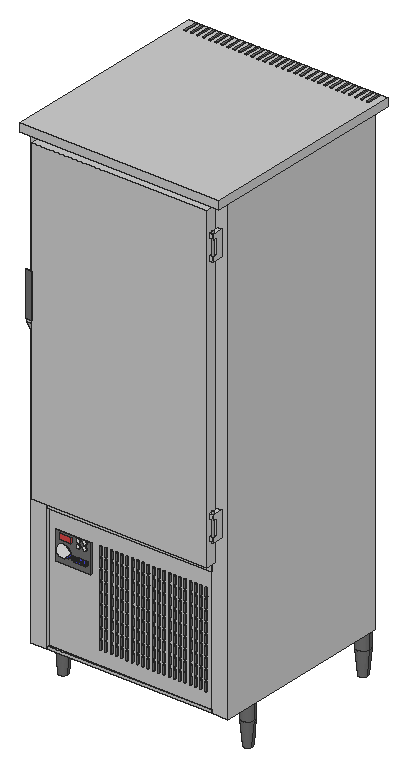
Revit family "QF_ACFRI_RS75-RL.190709093100", category Specialty Equipment, Revit 2016
Family settings
  Part Type = Normal
  Round Connector Dimension = Use Diameter
  OmniClass Number = 23.40.40.14
  OmniClass Title = Food Service Equipment
  Work Plane-Based = No
  Always vertical = Yes
  Cut with Voids When Loaded = No
  Shared = No
  Room Calculation Point = No
Parameters (values of type "RS75-RL_230V/1Ph/50Hz")
  URL catalogue = ""
  URL = "www.acfri.com"
  Type de Raccord Electrique [instance] = ""
  Type article [instance] = ""
  Tension = 230 V
  Status [instance] = ""
  Spécification technique = ""
  Spécification du Fabricant [instance] = ""
  Spécification de l'Utilisateur [instance] = ""
  SMACNA No spécifique pour les matériaux  Etats Unis = ""
  Quantité par lot [instance] = no
  Puissance électrique  = 3557 W
  Puissance en CV = ""
  Puissance Apparente = 3557 VA
  Protection de l'Appareil = 0 A
  Profondeur hors tout = 800 mm
  Poids net à vide = 205.00 kg
  Phase = 1
  Numéro de Série = ""
  Nombres de Pôles = 2
  Nombre d'identification NAFEM = ""
  Model = "RS75-RL"
  Manufacturer = "ACFRI"
  Longueur hors tout = 755 mm
  Intensité nominale courant electrique = 18.5 A
  Installé Par [instance] = ""
  Identifiant Equipement [instance] = no
  Hauteur hors tout = 1935 mm
  Hauteur de Raccordement du Sol Finis [instance] = 50 mm
  Hauteur de Raccordement du Sol Brut [instance] = 0 mm
  Fréquence = 50 Hz
  Fournis Par [instance] = ""
  Description = "CELLULE SÉRIE MÉDIUM À GRILLE REFROIDISSEMENT/ SURGÉLATION RAPIDE"
  Câble de connexion à l'appareil inclus = no
  Cost = 0
  Consommation d'énergie minimale = 0 A
  Connexion prise électrique  = ""
  Code de Révision [instance] = ""
  Classification dans le projet = ""
  Classement sismique = ""
  Accessoires = no
Reference planes
  plane 1 "Centre (avant/arrière)": y = 0
  plane 2: z = 0
  plane 3 "Centre (gauche/droite)": x = 0
Forms (mm)
  Extrusion 1, solid, not visible
    sketch origin (49, -2, 199) x (1, 0, 0) y (0, 1, 0)
      loop
        line (0, 0) -> (2, 0) -> (2, 2) -> (0, 2) -> (0, 0)
    from 0 to 2
Dimensions and locks
  aligned and locked: level to plane 2
Nested families
  nested 1: "QF_ACFRI_RS75-RL_230V_1Ph_50Hz" at (0, 0, 150), type "RS75-RL_230V/1Ph/50Hz"
    with Show Logo yes, Show Clearance yes
  nested 2: "QF_ACFRI_RS60_75_DOOR_RX" at (0, 0, 150), type "RS60_75_DOOR_RX"
    with Show Logo yes, Show Clearance yes
  nested 3: "QF_ACFRI_RS12_15_20_LEGS" at (0, 0, 0), type "RS12_15_20_LEGS"
    with Show Logo yes, Show Clearance yes
  nested 4: "QF_ACFRI_RS25_30_40-CP" at (0, 0, 150), type "RS25_30_40-CP"
    with Show Logo yes, Show Clearance yes
Connectors
  electrical at (50, 0, 200), driven by "Puissance Apparente", driven by "Nombres de Pôles", driven by "Tension"
    settings: on Extrusion 1, index 1, voltage 230 V, apparent load 0 VA, apparent load phase1 3557 VA, apparent load phase2 0 VA, apparent load phase3 0 VA, power factor 1, load classification "Other", number of poles 2, system type 31, power factor state 1, is connector primary yes, connector utility no, sub classification motor no, connector description "Electric connection for 'RS75-RL'"
Definition of nested family "QF_ACFRI_RS75-RL_230V_1Ph_50Hz"
  Parameters (values of type "RS75-RL_230V/1Ph/50Hz")
    URL = "www.acfri.com"
    Show Logo [instance] = yes
    Show Clearance [instance] = yes
    Model = "RS75-RL"
    Manufacturer = "ACFRI"
    Description = "15 TO 29 LEVELS -  REACH SPECIFICATION BLAST CHILLING, DEEP FREEZING CELLS"
    Assembly Code = "E1090320"
  Types (2, lengths in mm): name | Model | Description
    RS60-RL | "RS60-RL" | "12 TO 23 LEVELS -  REACH SPECIFICATION BLAST CHILLING, DEEP FREEZING CELLS"
    RS75-RL_230V/1Ph/50Hz | "RS75-RL" | "15 TO 29 LEVELS -  REACH SPECIFICATION BLAST CHILLING, DEEP FREEZING CELLS"
  Reference planes
    plane 1 "Back": y = 0
    plane 2: z = 0
    plane 3 "Left": x = 0
    plane 4 "Right": x = 755
    plane 5 "Front": y = -800
    plane 6 "Top": z = 1784.917
  Forms (mm)
    Extrusion 1, solid
      sketch origin (0, 0, -150) x (0, 1, 0) y (0, 0, 1)
        loop
          line (-56.57, 1903.957) -> (-752.05, 1903.957) -> (-752.05, 150) -> (-56.57, 150) -> (-56.57, 1903.957)
      from 3.267 to 65.187
    Extrusion 2, solid
      sketch origin (0, 0, 819.917) x (0, 1, 0) y (0, 0, 1)
        loop
          line (0, 965) -> (-800, 965) -> (-800, 934.04) -> (0, 934.04) -> (0, 965)
      from 0 to 755
    Extrusion 3, solid
      sketch origin (0, 0, 1783.917) x (1, 0, 0) y (0, 1, 0)
        loop
          line (28.646, -1.681) -> (28.646, -56.57) -> (35.372, -56.57) -> (35.372, -1.681) -> (28.646, -1.681)
        loop
          line (51.706, -1.681) -> (51.706, -56.57) -> (58.431, -56.57) -> (58.431, -1.681) -> (51.706, -1.681)
        loop
          line (74.765, -1.681) -> (74.765, -56.57) -> (81.491, -56.57) -> (81.491, -1.681) -> (74.765, -1.681)
        loop
          line (97.825, -1.681) -> (97.825, -56.57) -> (104.551, -56.57) -> (104.551, -1.681) -> (97.825, -1.681)
        loop
          line (120.885, -1.681) -> (120.885, -56.57) -> (127.611, -56.57) -> (127.611, -1.681) -> (120.885, -1.681)
        loop
          line (143.945, -1.681) -> (143.945, -56.57) -> (150.671, -56.57) -> (150.671, -1.681) -> (143.945, -1.681)
        loop
          line (167.005, -1.681) -> (167.005, -56.57) -> (173.731, -56.57) -> (173.731, -1.681) -> (167.005, -1.681)
        loop
          line (190.065, -1.681) -> (190.065, -56.57) -> (196.79, -56.57) -> (196.79, -1.681) -> (190.065, -1.681)
        loop
          line (213.124, -1.681) -> (213.124, -56.57) -> (219.85, -56.57) -> (219.85, -1.681) -> (213.124, -1.681)
        loop
          line (236.184, -1.681) -> (236.184, -56.57) -> (242.91, -56.57) -> (242.91, -1.681) -> (236.184, -1.681)
        loop
          line (259.244, -1.681) -> (259.244, -56.57) -> (265.97, -56.57) -> (265.97, -1.681) -> (259.244, -1.681)
        loop
          line (282.304, -1.681) -> (282.304, -56.57) -> (289.03, -56.57) -> (289.03, -1.681) -> (282.304, -1.681)
        loop
          line (305.364, -1.681) -> (305.364, -56.57) -> (312.09, -56.57) -> (312.09, -1.681) -> (305.364, -1.681)
        loop
          line (328.424, -1.681) -> (328.424, -56.57) -> (335.149, -56.57) -> (335.149, -1.681) -> (328.424, -1.681)
        loop
          line (351.483, -1.681) -> (351.483, -56.57) -> (358.209, -56.57) -> (358.209, -1.681) -> (351.483, -1.681)
        loop
          line (374.543, -1.681) -> (374.543, -56.57) -> (381.269, -56.57) -> (381.269, -1.681) -> (374.543, -1.681)
        loop
          line (397.603, -1.681) -> (397.603, -56.57) -> (404.329, -56.57) -> (404.329, -1.681) -> (397.603, -1.681)
        loop
          line (420.663, -1.681) -> (420.663, -56.57) -> (427.389, -56.57) -> (427.389, -1.681) -> (420.663, -1.681)
        loop
          line (443.723, -1.681) -> (443.723, -56.57) -> (450.448, -56.57) -> (450.448, -1.681) -> (443.723, -1.681)
        loop
          line (466.783, -1.681) -> (466.783, -56.57) -> (473.508, -56.57) -> (473.508, -1.681) -> (466.783, -1.681)
        loop
          line (489.842, -1.681) -> (489.842, -56.57) -> (496.568, -56.57) -> (496.568, -1.681) -> (489.842, -1.681)
        loop
          line (512.902, -1.681) -> (512.902, -56.57) -> (519.628, -56.57) -> (519.628, -1.681) -> (512.902, -1.681)
        loop
          line (535.962, -1.681) -> (535.962, -56.57) -> (542.688, -56.57) -> (542.688, -1.681) -> (535.962, -1.681)
        loop
          line (559.022, -1.681) -> (559.022, -56.57) -> (565.748, -56.57) -> (565.748, -1.681) -> (559.022, -1.681)
        loop
          line (582.082, -1.681) -> (582.082, -56.57) -> (588.807, -56.57) -> (588.807, -1.681) -> (582.082, -1.681)
        loop
          line (605.141, -1.681) -> (605.141, -56.57) -> (611.867, -56.57) -> (611.867, -1.681) -> (605.141, -1.681)
        loop
          line (628.201, -1.681) -> (628.201, -56.57) -> (634.927, -56.57) -> (634.927, -1.681) -> (628.201, -1.681)
        loop
          line (651.261, -1.681) -> (651.261, -56.57) -> (657.987, -56.57) -> (657.987, -1.681) -> (651.261, -1.681)
        loop
          line (674.321, -1.681) -> (674.321, -56.57) -> (681.047, -56.57) -> (681.047, -1.681) -> (674.321, -1.681)
        loop
          line (697.381, -1.681) -> (697.381, -56.57) -> (704.107, -56.57) -> (704.107, -1.681) -> (697.381, -1.681)
        loop
          line (720.441, -1.681) -> (720.441, -56.57) -> (727.166, -56.57) -> (727.166, -1.681) -> (720.441, -1.681)
      from 0 to 2
    Extrusion 4, solid
      sketch origin (0, -100.05, -150) x (1, 0, 0) y (0, 0, 1)
        loop
          line (44.706, 1887.724) -> (44.706, 672.113) -> (701.163, 672.113) -> (701.163, 1887.724) -> (44.706, 1887.724)
        loop
          line (65.187, 1867.419) -> (65.187, 692.419) -> (680.711, 692.419) -> (680.711, 1867.419) -> (65.187, 1867.419)
      from 652 to 662.15
    Extrusion 5, solid
      sketch origin (0, -746.05, -119.991) x (1, 0, 0) y (0, 0, 1)
        loop
          line (261.229, 454.546) -> (261.229, 427.546)
          arc (261.229, 427.546) -> (264.729, 424.046) -> (268.229, 427.546) r 3.5
          line (268.229, 427.546) -> (268.229, 454.546)
          arc (268.229, 454.546) -> (264.729, 458.046) -> (261.229, 454.546) r 3.5
        loop
          line (281.229, 454.546) -> (281.229, 427.546)
          arc (281.229, 427.546) -> (284.729, 424.046) -> (288.229, 427.546) r 3.5
          line (288.229, 427.546) -> (288.229, 454.546)
          arc (288.229, 454.546) -> (284.729, 458.046) -> (281.229, 454.546) r 3.5
        loop
          line (301.229, 454.546) -> (301.229, 427.546)
          arc (301.229, 427.546) -> (304.729, 424.046) -> (308.229, 427.546) r 3.5
          line (308.229, 427.546) -> (308.229, 454.546)
          arc (308.229, 454.546) -> (304.729, 458.046) -> (301.229, 454.546) r 3.5
        loop
          line (321.229, 454.546) -> (321.229, 427.546)
          arc (321.229, 427.546) -> (324.729, 424.046) -> (328.229, 427.546) r 3.5
          line (328.229, 427.546) -> (328.229, 454.546)
          arc (328.229, 454.546) -> (324.729, 458.046) -> (321.229, 454.546) r 3.5
        loop
          line (341.229, 454.546) -> (341.229, 427.546)
          arc (341.229, 427.546) -> (344.729, 424.046) -> (348.229, 427.546) r 3.5
          line (348.229, 427.546) -> (348.229, 454.546)
          arc (348.229, 454.546) -> (344.729, 458.046) -> (341.229, 454.546) r 3.5
        loop
          line (361.229, 454.546) -> (361.229, 427.546)
          arc (361.229, 427.546) -> (364.729, 424.046) -> (368.229, 427.546) r 3.5
          line (368.229, 427.546) -> (368.229, 454.546)
          arc (368.229, 454.546) -> (364.729, 458.046) -> (361.229, 454.546) r 3.5
        loop
          line (381.229, 454.546) -> (381.229, 427.546)
          arc (381.229, 427.546) -> (384.729, 424.046) -> (388.229, 427.546) r 3.5
          line (388.229, 427.546) -> (388.229, 454.546)
          arc (388.229, 454.546) -> (384.729, 458.046) -> (381.229, 454.546) r 3.5
        loop
          line (401.229, 454.546) -> (401.229, 427.546)
          arc (401.229, 427.546) -> (404.729, 424.046) -> (408.229, 427.546) r 3.5
          line (408.229, 427.546) -> (408.229, 454.546)
          arc (408.229, 454.546) -> (404.729, 458.046) -> (401.229, 454.546) r 3.5
        loop
          line (421.229, 454.546) -> (421.229, 427.546)
          arc (421.229, 427.546) -> (424.729, 424.046) -> (428.229, 427.546) r 3.5
          line (428.229, 427.546) -> (428.229, 454.546)
          arc (428.229, 454.546) -> (424.729, 458.046) -> (421.229, 454.546) r 3.5
        loop
          line (441.229, 454.546) -> (441.229, 427.546)
          arc (441.229, 427.546) -> (444.729, 424.046) -> (448.229, 427.546) r 3.5
          line (448.229, 427.546) -> (448.229, 454.546)
          arc (448.229, 454.546) -> (444.729, 458.046) -> (441.229, 454.546) r 3.5
        loop
          line (461.229, 454.546) -> (461.229, 427.546)
          arc (461.229, 427.546) -> (464.729, 424.046) -> (468.229, 427.546) r 3.5
          line (468.229, 427.546) -> (468.229, 454.546)
          arc (468.229, 454.546) -> (464.729, 458.046) -> (461.229, 454.546) r 3.5
        loop
          line (481.229, 454.546) -> (481.229, 427.546)
          arc (481.229, 427.546) -> (484.729, 424.046) -> (488.229, 427.546) r 3.5
          line (488.229, 427.546) -> (488.229, 454.546)
          arc (488.229, 454.546) -> (484.729, 458.046) -> (481.229, 454.546) r 3.5
        loop
          line (501.229, 454.546) -> (501.229, 427.546)
          arc (501.229, 427.546) -> (504.729, 424.046) -> (508.229, 427.546) r 3.5
          line (508.229, 427.546) -> (508.229, 454.546)
          arc (508.229, 454.546) -> (504.729, 458.046) -> (501.229, 454.546) r 3.5
        loop
          line (521.229, 454.546) -> (521.229, 427.546)
          arc (521.229, 427.546) -> (524.729, 424.046) -> (528.229, 427.546) r 3.5
          line (528.229, 427.546) -> (528.229, 454.546)
          arc (528.229, 454.546) -> (524.729, 458.046) -> (521.229, 454.546) r 3.5
        loop
          line (541.229, 454.546) -> (541.229, 427.546)
          arc (541.229, 427.546) -> (544.729, 424.046) -> (548.229, 427.546) r 3.5
          line (548.229, 427.546) -> (548.229, 454.546)
          arc (548.229, 454.546) -> (544.729, 458.046) -> (541.229, 454.546) r 3.5
        loop
          line (561.229, 454.546) -> (561.229, 427.546)
          arc (561.229, 427.546) -> (564.729, 424.046) -> (568.229, 427.546) r 3.5
          line (568.229, 427.546) -> (568.229, 454.546)
          arc (568.229, 454.546) -> (564.729, 458.046) -> (561.229, 454.546) r 3.5
        loop
          line (581.229, 454.546) -> (581.229, 427.546)
          arc (581.229, 427.546) -> (584.729, 424.046) -> (588.229, 427.546) r 3.5
          line (588.229, 427.546) -> (588.229, 454.546)
          arc (588.229, 454.546) -> (584.729, 458.046) -> (581.229, 454.546) r 3.5
        loop
          line (601.229, 454.546) -> (601.229, 427.546)
          arc (601.229, 427.546) -> (604.729, 424.046) -> (608.229, 427.546) r 3.5
          line (608.229, 427.546) -> (608.229, 454.546)
          arc (608.229, 454.546) -> (604.729, 458.046) -> (601.229, 454.546) r 3.5
        loop
          line (621.229, 454.546) -> (621.229, 427.546)
          arc (621.229, 427.546) -> (624.729, 424.046) -> (628.229, 427.546) r 3.5
          line (628.229, 427.546) -> (628.229, 454.546)
          arc (628.229, 454.546) -> (624.729, 458.046) -> (621.229, 454.546) r 3.5
        loop
          line (641.229, 454.546) -> (641.229, 427.546)
          arc (641.229, 427.546) -> (644.729, 424.046) -> (648.229, 427.546) r 3.5
          line (648.229, 427.546) -> (648.229, 454.546)
          arc (648.229, 454.546) -> (644.729, 458.046) -> (641.229, 454.546) r 3.5
        loop
          line (661.229, 454.546) -> (661.229, 427.546)
          arc (661.229, 427.546) -> (664.729, 424.046) -> (668.229, 427.546) r 3.5
          line (668.229, 427.546) -> (668.229, 454.546)
          arc (668.229, 454.546) -> (664.729, 458.046) -> (661.229, 454.546) r 3.5
        loop
          line (261.229, 414.546) -> (261.229, 387.546)
          arc (261.229, 387.546) -> (264.729, 384.046) -> (268.229, 387.546) r 3.5
          line (268.229, 387.546) -> (268.229, 414.546)
          arc (268.229, 414.546) -> (264.729, 418.046) -> (261.229, 414.546) r 3.5
        loop
          line (281.229, 414.546) -> (281.229, 387.546)
          arc (281.229, 387.546) -> (284.729, 384.046) -> (288.229, 387.546) r 3.5
          line (288.229, 387.546) -> (288.229, 414.546)
          arc (288.229, 414.546) -> (284.729, 418.046) -> (281.229, 414.546) r 3.5
        loop
          line (301.229, 414.546) -> (301.229, 387.546)
          arc (301.229, 387.546) -> (304.729, 384.046) -> (308.229, 387.546) r 3.5
          line (308.229, 387.546) -> (308.229, 414.546)
          arc (308.229, 414.546) -> (304.729, 418.046) -> (301.229, 414.546) r 3.5
        loop
          line (321.229, 414.546) -> (321.229, 387.546)
          arc (321.229, 387.546) -> (324.729, 384.046) -> (328.229, 387.546) r 3.5
          line (328.229, 387.546) -> (328.229, 414.546)
          arc (328.229, 414.546) -> (324.729, 418.046) -> (321.229, 414.546) r 3.5
        loop
          line (341.229, 414.546) -> (341.229, 387.546)
          arc (341.229, 387.546) -> (344.729, 384.046) -> (348.229, 387.546) r 3.5
          line (348.229, 387.546) -> (348.229, 414.546)
          arc (348.229, 414.546) -> (344.729, 418.046) -> (341.229, 414.546) r 3.5
        loop
          line (361.229, 414.546) -> (361.229, 387.546)
          arc (361.229, 387.546) -> (364.729, 384.046) -> (368.229, 387.546) r 3.5
          line (368.229, 387.546) -> (368.229, 414.546)
          arc (368.229, 414.546) -> (364.729, 418.046) -> (361.229, 414.546) r 3.5
        loop
          line (381.229, 414.546) -> (381.229, 387.546)
          arc (381.229, 387.546) -> (384.729, 384.046) -> (388.229, 387.546) r 3.5
          line (388.229, 387.546) -> (388.229, 414.546)
          arc (388.229, 414.546) -> (384.729, 418.046) -> (381.229, 414.546) r 3.5
        loop
          line (401.229, 414.546) -> (401.229, 387.546)
          arc (401.229, 387.546) -> (404.729, 384.046) -> (408.229, 387.546) r 3.5
          line (408.229, 387.546) -> (408.229, 414.546)
          arc (408.229, 414.546) -> (404.729, 418.046) -> (401.229, 414.546) r 3.5
        loop
          line (421.229, 414.546) -> (421.229, 387.546)
          arc (421.229, 387.546) -> (424.729, 384.046) -> (428.229, 387.546) r 3.5
          line (428.229, 387.546) -> (428.229, 414.546)
          arc (428.229, 414.546) -> (424.729, 418.046) -> (421.229, 414.546) r 3.5
        loop
          line (441.229, 414.546) -> (441.229, 387.546)
          arc (441.229, 387.546) -> (444.729, 384.046) -> (448.229, 387.546) r 3.5
          line (448.229, 387.546) -> (448.229, 414.546)
          arc (448.229, 414.546) -> (444.729, 418.046) -> (441.229, 414.546) r 3.5
        loop
          line (461.229, 414.546) -> (461.229, 387.546)
          arc (461.229, 387.546) -> (464.729, 384.046) -> (468.229, 387.546) r 3.5
          line (468.229, 387.546) -> (468.229, 414.546)
          arc (468.229, 414.546) -> (464.729, 418.046) -> (461.229, 414.546) r 3.5
        loop
          line (481.229, 414.546) -> (481.229, 387.546)
          arc (481.229, 387.546) -> (484.729, 384.046) -> (488.229, 387.546) r 3.5
          line (488.229, 387.546) -> (488.229, 414.546)
          arc (488.229, 414.546) -> (484.729, 418.046) -> (481.229, 414.546) r 3.5
        loop
          line (501.229, 414.546) -> (501.229, 387.546)
          arc (501.229, 387.546) -> (504.729, 384.046) -> (508.229, 387.546) r 3.5
          line (508.229, 387.546) -> (508.229, 414.546)
          arc (508.229, 414.546) -> (504.729, 418.046) -> (501.229, 414.546) r 3.5
        loop
          line (521.229, 414.546) -> (521.229, 387.546)
          arc (521.229, 387.546) -> (524.729, 384.046) -> (528.229, 387.546) r 3.5
          line (528.229, 387.546) -> (528.229, 414.546)
          arc (528.229, 414.546) -> (524.729, 418.046) -> (521.229, 414.546) r 3.5
        loop
          line (541.229, 414.546) -> (541.229, 387.546)
          arc (541.229, 387.546) -> (544.729, 384.046) -> (548.229, 387.546) r 3.5
          line (548.229, 387.546) -> (548.229, 414.546)
          arc (548.229, 414.546) -> (544.729, 418.046) -> (541.229, 414.546) r 3.5
        loop
          line (561.229, 414.546) -> (561.229, 387.546)
          arc (561.229, 387.546) -> (564.729, 384.046) -> (568.229, 387.546) r 3.5
          line (568.229, 387.546) -> (568.229, 414.546)
          arc (568.229, 414.546) -> (564.729, 418.046) -> (561.229, 414.546) r 3.5
        loop
          line (581.229, 414.546) -> (581.229, 387.546)
          arc (581.229, 387.546) -> (584.729, 384.046) -> (588.229, 387.546) r 3.5
          line (588.229, 387.546) -> (588.229, 414.546)
          arc (588.229, 414.546) -> (584.729, 418.046) -> (581.229, 414.546) r 3.5
        loop
          line (601.229, 414.546) -> (601.229, 387.546)
          arc (601.229, 387.546) -> (604.729, 384.046) -> (608.229, 387.546) r 3.5
          line (608.229, 387.546) -> (608.229, 414.546)
          arc (608.229, 414.546) -> (604.729, 418.046) -> (601.229, 414.546) r 3.5
        loop
          line (621.229, 414.546) -> (621.229, 387.546)
          arc (621.229, 387.546) -> (624.729, 384.046) -> (628.229, 387.546) r 3.5
          line (628.229, 387.546) -> (628.229, 414.546)
          arc (628.229, 414.546) -> (624.729, 418.046) -> (621.229, 414.546) r 3.5
        loop
          line (641.229, 414.546) -> (641.229, 387.546)
          arc (641.229, 387.546) -> (644.729, 384.046) -> (648.229, 387.546) r 3.5
          line (648.229, 387.546) -> (648.229, 414.546)
          arc (648.229, 414.546) -> (644.729, 418.046) -> (641.229, 414.546) r 3.5
        loop
          line (661.229, 414.546) -> (661.229, 387.546)
          arc (661.229, 387.546) -> (664.729, 384.046) -> (668.229, 387.546) r 3.5
          line (668.229, 387.546) -> (668.229, 414.546)
          arc (668.229, 414.546) -> (664.729, 418.046) -> (661.229, 414.546) r 3.5
        loop
          line (261.229, 374.546) -> (261.229, 347.546)
          arc (261.229, 347.546) -> (264.729, 344.046) -> (268.229, 347.546) r 3.5
          line (268.229, 347.546) -> (268.229, 374.546)
          arc (268.229, 374.546) -> (264.729, 378.046) -> (261.229, 374.546) r 3.5
        loop
          line (281.229, 374.546) -> (281.229, 347.546)
          arc (281.229, 347.546) -> (284.729, 344.046) -> (288.229, 347.546) r 3.5
          line (288.229, 347.546) -> (288.229, 374.546)
          arc (288.229, 374.546) -> (284.729, 378.046) -> (281.229, 374.546) r 3.5
        loop
          line (301.229, 374.546) -> (301.229, 347.546)
          arc (301.229, 347.546) -> (304.729, 344.046) -> (308.229, 347.546) r 3.5
          line (308.229, 347.546) -> (308.229, 374.546)
          arc (308.229, 374.546) -> (304.729, 378.046) -> (301.229, 374.546) r 3.5
        loop
          line (321.229, 374.546) -> (321.229, 347.546)
          arc (321.229, 347.546) -> (324.729, 344.046) -> (328.229, 347.546) r 3.5
          line (328.229, 347.546) -> (328.229, 374.546)
          arc (328.229, 374.546) -> (324.729, 378.046) -> (321.229, 374.546) r 3.5
        loop
          line (341.229, 374.546) -> (341.229, 347.546)
          arc (341.229, 347.546) -> (344.729, 344.046) -> (348.229, 347.546) r 3.5
          line (348.229, 347.546) -> (348.229, 374.546)
          arc (348.229, 374.546) -> (344.729, 378.046) -> (341.229, 374.546) r 3.5
        loop
          line (361.229, 374.546) -> (361.229, 347.546)
          arc (361.229, 347.546) -> (364.729, 344.046) -> (368.229, 347.546) r 3.5
          line (368.229, 347.546) -> (368.229, 374.546)
          arc (368.229, 374.546) -> (364.729, 378.046) -> (361.229, 374.546) r 3.5
        loop
          line (381.229, 374.546) -> (381.229, 347.546)
          arc (381.229, 347.546) -> (384.729, 344.046) -> (388.229, 347.546) r 3.5
          line (388.229, 347.546) -> (388.229, 374.546)
          arc (388.229, 374.546) -> (384.729, 378.046) -> (381.229, 374.546) r 3.5
        loop
          line (401.229, 374.546) -> (401.229, 347.546)
          arc (401.229, 347.546) -> (404.729, 344.046) -> (408.229, 347.546) r 3.5
          line (408.229, 347.546) -> (408.229, 374.546)
          arc (408.229, 374.546) -> (404.729, 378.046) -> (401.229, 374.546) r 3.5
        loop
          line (421.229, 374.546) -> (421.229, 347.546)
          arc (421.229, 347.546) -> (424.729, 344.046) -> (428.229, 347.546) r 3.5
          line (428.229, 347.546) -> (428.229, 374.546)
          arc (428.229, 374.546) -> (424.729, 378.046) -> (421.229, 374.546) r 3.5
        loop
          line (441.229, 374.546) -> (441.229, 347.546)
          arc (441.229, 347.546) -> (444.729, 344.046) -> (448.229, 347.546) r 3.5
          line (448.229, 347.546) -> (448.229, 374.546)
          arc (448.229, 374.546) -> (444.729, 378.046) -> (441.229, 374.546) r 3.5
        loop
          line (461.229, 374.546) -> (461.229, 347.546)
          arc (461.229, 347.546) -> (464.729, 344.046) -> (468.229, 347.546) r 3.5
          line (468.229, 347.546) -> (468.229, 374.546)
          arc (468.229, 374.546) -> (464.729, 378.046) -> (461.229, 374.546) r 3.5
        loop
          line (481.229, 374.546) -> (481.229, 347.546)
          arc (481.229, 347.546) -> (484.729, 344.046) -> (488.229, 347.546) r 3.5
          line (488.229, 347.546) -> (488.229, 374.546)
          arc (488.229, 374.546) -> (484.729, 378.046) -> (481.229, 374.546) r 3.5
        loop
          line (501.229, 374.546) -> (501.229, 347.546)
          arc (501.229, 347.546) -> (504.729, 344.046) -> (508.229, 347.546) r 3.5
          line (508.229, 347.546) -> (508.229, 374.546)
          arc (508.229, 374.546) -> (504.729, 378.046) -> (501.229, 374.546) r 3.5
        loop
          line (521.229, 374.546) -> (521.229, 347.546)
          arc (521.229, 347.546) -> (524.729, 344.046) -> (528.229, 347.546) r 3.5
          line (528.229, 347.546) -> (528.229, 374.546)
          arc (528.229, 374.546) -> (524.729, 378.046) -> (521.229, 374.546) r 3.5
        loop
          line (541.229, 374.546) -> (541.229, 347.546)
          arc (541.229, 347.546) -> (544.729, 344.046) -> (548.229, 347.546) r 3.5
          line (548.229, 347.546) -> (548.229, 374.546)
          arc (548.229, 374.546) -> (544.729, 378.046) -> (541.229, 374.546) r 3.5
        loop
          line (561.229, 374.546) -> (561.229, 347.546)
          arc (561.229, 347.546) -> (564.729, 344.046) -> (568.229, 347.546) r 3.5
          line (568.229, 347.546) -> (568.229, 374.546)
          arc (568.229, 374.546) -> (564.729, 378.046) -> (561.229, 374.546) r 3.5
        loop
          line (581.229, 374.546) -> (581.229, 347.546)
          arc (581.229, 347.546) -> (584.729, 344.046) -> (588.229, 347.546) r 3.5
          line (588.229, 347.546) -> (588.229, 374.546)
          arc (588.229, 374.546) -> (584.729, 378.046) -> (581.229, 374.546) r 3.5
        loop
          line (601.229, 374.546) -> (601.229, 347.546)
          arc (601.229, 347.546) -> (604.729, 344.046) -> (608.229, 347.546) r 3.5
          line (608.229, 347.546) -> (608.229, 374.546)
          arc (608.229, 374.546) -> (604.729, 378.046) -> (601.229, 374.546) r 3.5
        loop
          line (621.229, 374.546) -> (621.229, 347.546)
          arc (621.229, 347.546) -> (624.729, 344.046) -> (628.229, 347.546) r 3.5
          line (628.229, 347.546) -> (628.229, 374.546)
          arc (628.229, 374.546) -> (624.729, 378.046) -> (621.229, 374.546) r 3.5
        loop
          line (641.229, 374.546) -> (641.229, 347.546)
          arc (641.229, 347.546) -> (644.729, 344.046) -> (648.229, 347.546) r 3.5
          line (648.229, 347.546) -> (648.229, 374.546)
          arc (648.229, 374.546) -> (644.729, 378.046) -> (641.229, 374.546) r 3.5
        loop
          line (661.229, 374.546) -> (661.229, 347.546)
          arc (661.229, 347.546) -> (664.729, 344.046) -> (668.229, 347.546) r 3.5
          line (668.229, 347.546) -> (668.229, 374.546)
          arc (668.229, 374.546) -> (664.729, 378.046) -> (661.229, 374.546) r 3.5
        loop
          line (261.229, 334.546) -> (261.229, 307.546)
          arc (261.229, 307.546) -> (264.729, 304.046) -> (268.229, 307.546) r 3.5
          line (268.229, 307.546) -> (268.229, 334.546)
          arc (268.229, 334.546) -> (264.729, 338.046) -> (261.229, 334.546) r 3.5
        loop
          line (281.229, 334.546) -> (281.229, 307.546)
          arc (281.229, 307.546) -> (284.729, 304.046) -> (288.229, 307.546) r 3.5
          line (288.229, 307.546) -> (288.229, 334.546)
          arc (288.229, 334.546) -> (284.729, 338.046) -> (281.229, 334.546) r 3.5
        loop
          line (301.229, 334.546) -> (301.229, 307.546)
          arc (301.229, 307.546) -> (304.729, 304.046) -> (308.229, 307.546) r 3.5
          line (308.229, 307.546) -> (308.229, 334.546)
          arc (308.229, 334.546) -> (304.729, 338.046) -> (301.229, 334.546) r 3.5
        loop
          line (321.229, 334.546) -> (321.229, 307.546)
          arc (321.229, 307.546) -> (324.729, 304.046) -> (328.229, 307.546) r 3.5
          line (328.229, 307.546) -> (328.229, 334.546)
          arc (328.229, 334.546) -> (324.729, 338.046) -> (321.229, 334.546) r 3.5
        loop
          line (341.229, 334.546) -> (341.229, 307.546)
          arc (341.229, 307.546) -> (344.729, 304.046) -> (348.229, 307.546) r 3.5
          line (348.229, 307.546) -> (348.229, 334.546)
          arc (348.229, 334.546) -> (344.729, 338.046) -> (341.229, 334.546) r 3.5
        loop
          line (361.229, 334.546) -> (361.229, 307.546)
          arc (361.229, 307.546) -> (364.729, 304.046) -> (368.229, 307.546) r 3.5
          line (368.229, 307.546) -> (368.229, 334.546)
          arc (368.229, 334.546) -> (364.729, 338.046) -> (361.229, 334.546) r 3.5
        loop
          line (381.229, 334.546) -> (381.229, 307.546)
          arc (381.229, 307.546) -> (384.729, 304.046) -> (388.229, 307.546) r 3.5
          line (388.229, 307.546) -> (388.229, 334.546)
          arc (388.229, 334.546) -> (384.729, 338.046) -> (381.229, 334.546) r 3.5
        loop
          line (401.229, 334.546) -> (401.229, 307.546)
          arc (401.229, 307.546) -> (404.729, 304.046) -> (408.229, 307.546) r 3.5
          line (408.229, 307.546) -> (408.229, 334.546)
          arc (408.229, 334.546) -> (404.729, 338.046) -> (401.229, 334.546) r 3.5
        loop
          line (421.229, 334.546) -> (421.229, 307.546)
          arc (421.229, 307.546) -> (424.729, 304.046) -> (428.229, 307.546) r 3.5
          line (428.229, 307.546) -> (428.229, 334.546)
          arc (428.229, 334.546) -> (424.729, 338.046) -> (421.229, 334.546) r 3.5
        loop
          line (441.229, 334.546) -> (441.229, 307.546)
          arc (441.229, 307.546) -> (444.729, 304.046) -> (448.229, 307.546) r 3.5
          line (448.229, 307.546) -> (448.229, 334.546)
          arc (448.229, 334.546) -> (444.729, 338.046) -> (441.229, 334.546) r 3.5
        loop
          line (461.229, 334.546) -> (461.229, 307.546)
          arc (461.229, 307.546) -> (464.729, 304.046) -> (468.229, 307.546) r 3.5
          line (468.229, 307.546) -> (468.229, 334.546)
          arc (468.229, 334.546) -> (464.729, 338.046) -> (461.229, 334.546) r 3.5
        loop
          line (481.229, 334.546) -> (481.229, 307.546)
          arc (481.229, 307.546) -> (484.729, 304.046) -> (488.229, 307.546) r 3.5
          line (488.229, 307.546) -> (488.229, 334.546)
          arc (488.229, 334.546) -> (484.729, 338.046) -> (481.229, 334.546) r 3.5
        loop
          line (501.229, 334.546) -> (501.229, 307.546)
          arc (501.229, 307.546) -> (504.729, 304.046) -> (508.229, 307.546) r 3.5
          line (508.229, 307.546) -> (508.229, 334.546)
          arc (508.229, 334.546) -> (504.729, 338.046) -> (501.229, 334.546) r 3.5
        loop
          line (521.229, 334.546) -> (521.229, 307.546)
          arc (521.229, 307.546) -> (524.729, 304.046) -> (528.229, 307.546) r 3.5
          line (528.229, 307.546) -> (528.229, 334.546)
          arc (528.229, 334.546) -> (524.729, 338.046) -> (521.229, 334.546) r 3.5
        loop
          line (541.229, 334.546) -> (541.229, 307.546)
          arc (541.229, 307.546) -> (544.729, 304.046) -> (548.229, 307.546) r 3.5
          line (548.229, 307.546) -> (548.229, 334.546)
          arc (548.229, 334.546) -> (544.729, 338.046) -> (541.229, 334.546) r 3.5
        loop
          line (561.229, 334.546) -> (561.229, 307.546)
          arc (561.229, 307.546) -> (564.729, 304.046) -> (568.229, 307.546) r 3.5
          line (568.229, 307.546) -> (568.229, 334.546)
          arc (568.229, 334.546) -> (564.729, 338.046) -> (561.229, 334.546) r 3.5
        loop
          line (581.229, 334.546) -> (581.229, 307.546)
          arc (581.229, 307.546) -> (584.729, 304.046) -> (588.229, 307.546) r 3.5
          line (588.229, 307.546) -> (588.229, 334.546)
          arc (588.229, 334.546) -> (584.729, 338.046) -> (581.229, 334.546) r 3.5
        loop
          line (601.229, 334.546) -> (601.229, 307.546)
          arc (601.229, 307.546) -> (604.729, 304.046) -> (608.229, 307.546) r 3.5
          line (608.229, 307.546) -> (608.229, 334.546)
          arc (608.229, 334.546) -> (604.729, 338.046) -> (601.229, 334.546) r 3.5
        loop
          line (621.229, 334.546) -> (621.229, 307.546)
          arc (621.229, 307.546) -> (624.729, 304.046) -> (628.229, 307.546) r 3.5
          line (628.229, 307.546) -> (628.229, 334.546)
          arc (628.229, 334.546) -> (624.729, 338.046) -> (621.229, 334.546) r 3.5
        loop
          line (641.229, 334.546) -> (641.229, 307.546)
          arc (641.229, 307.546) -> (644.729, 304.046) -> (648.229, 307.546) r 3.5
          line (648.229, 307.546) -> (648.229, 334.546)
          arc (648.229, 334.546) -> (644.729, 338.046) -> (641.229, 334.546) r 3.5
        loop
          line (661.229, 334.546) -> (661.229, 307.546)
          arc (661.229, 307.546) -> (664.729, 304.046) -> (668.229, 307.546) r 3.5
          line (668.229, 307.546) -> (668.229, 334.546)
          arc (668.229, 334.546) -> (664.729, 338.046) -> (661.229, 334.546) r 3.5
        loop
          line (261.229, 294.546) -> (261.229, 267.546)
          arc (261.229, 267.546) -> (264.729, 264.046) -> (268.229, 267.546) r 3.5
          line (268.229, 267.546) -> (268.229, 294.546)
          arc (268.229, 294.546) -> (264.729, 298.046) -> (261.229, 294.546) r 3.5
        loop
          line (281.229, 294.546) -> (281.229, 267.546)
          arc (281.229, 267.546) -> (284.729, 264.046) -> (288.229, 267.546) r 3.5
          line (288.229, 267.546) -> (288.229, 294.546)
          arc (288.229, 294.546) -> (284.729, 298.046) -> (281.229, 294.546) r 3.5
        loop
          line (301.229, 294.546) -> (301.229, 267.546)
          arc (301.229, 267.546) -> (304.729, 264.046) -> (308.229, 267.546) r 3.5
          line (308.229, 267.546) -> (308.229, 294.546)
          arc (308.229, 294.546) -> (304.729, 298.046) -> (301.229, 294.546) r 3.5
        loop
          line (321.229, 294.546) -> (321.229, 267.546)
          arc (321.229, 267.546) -> (324.729, 264.046) -> (328.229, 267.546) r 3.5
          line (328.229, 267.546) -> (328.229, 294.546)
          arc (328.229, 294.546) -> (324.729, 298.046) -> (321.229, 294.546) r 3.5
        loop
          line (341.229, 294.546) -> (341.229, 267.546)
          arc (341.229, 267.546) -> (344.729, 264.046) -> (348.229, 267.546) r 3.5
          line (348.229, 267.546) -> (348.229, 294.546)
          arc (348.229, 294.546) -> (344.729, 298.046) -> (341.229, 294.546) r 3.5
        loop
          line (361.229, 294.546) -> (361.229, 267.546)
          arc (361.229, 267.546) -> (364.729, 264.046) -> (368.229, 267.546) r 3.5
          line (368.229, 267.546) -> (368.229, 294.546)
          arc (368.229, 294.546) -> (364.729, 298.046) -> (361.229, 294.546) r 3.5
        loop
          line (381.229, 294.546) -> (381.229, 267.546)
          arc (381.229, 267.546) -> (384.729, 264.046) -> (388.229, 267.546) r 3.5
          line (388.229, 267.546) -> (388.229, 294.546)
          arc (388.229, 294.546) -> (384.729, 298.046) -> (381.229, 294.546) r 3.5
        loop
          line (401.229, 294.546) -> (401.229, 267.546)
          arc (401.229, 267.546) -> (404.729, 264.046) -> (408.229, 267.546) r 3.5
          line (408.229, 267.546) -> (408.229, 294.546)
          arc (408.229, 294.546) -> (404.729, 298.046) -> (401.229, 294.546) r 3.5
        loop
          line (421.229, 294.546) -> (421.229, 267.546)
          arc (421.229, 267.546) -> (424.729, 264.046) -> (428.229, 267.546) r 3.5
          line (428.229, 267.546) -> (428.229, 294.546)
          arc (428.229, 294.546) -> (424.729, 298.046) -> (421.229, 294.546) r 3.5
        loop
          line (441.229, 294.546) -> (441.229, 267.546)
          arc (441.229, 267.546) -> (444.729, 264.046) -> (448.229, 267.546) r 3.5
          line (448.229, 267.546) -> (448.229, 294.546)
          arc (448.229, 294.546) -> (444.729, 298.046) -> (441.229, 294.546) r 3.5
        loop
          line (461.229, 294.546) -> (461.229, 267.546)
          arc (461.229, 267.546) -> (464.729, 264.046) -> (468.229, 267.546) r 3.5
          line (468.229, 267.546) -> (468.229, 294.546)
          arc (468.229, 294.546) -> (464.729, 298.046) -> (461.229, 294.546) r 3.5
        loop
          line (481.229, 294.546) -> (481.229, 267.546)
          arc (481.229, 267.546) -> (484.729, 264.046) -> (488.229, 267.546) r 3.5
          line (488.229, 267.546) -> (488.229, 294.546)
          arc (488.229, 294.546) -> (484.729, 298.046) -> (481.229, 294.546) r 3.5
        loop
          line (501.229, 294.546) -> (501.229, 267.546)
          arc (501.229, 267.546) -> (504.729, 264.046) -> (508.229, 267.546) r 3.5
          line (508.229, 267.546) -> (508.229, 294.546)
          arc (508.229, 294.546) -> (504.729, 298.046) -> (501.229, 294.546) r 3.5
        loop
          line (521.229, 294.546) -> (521.229, 267.546)
          arc (521.229, 267.546) -> (524.729, 264.046) -> (528.229, 267.546) r 3.5
          line (528.229, 267.546) -> (528.229, 294.546)
          arc (528.229, 294.546) -> (524.729, 298.046) -> (521.229, 294.546) r 3.5
        loop
          line (541.229, 294.546) -> (541.229, 267.546)
          arc (541.229, 267.546) -> (544.729, 264.046) -> (548.229, 267.546) r 3.5
          line (548.229, 267.546) -> (548.229, 294.546)
          arc (548.229, 294.546) -> (544.729, 298.046) -> (541.229, 294.546) r 3.5
        loop
          line (561.229, 294.546) -> (561.229, 267.546)
          arc (561.229, 267.546) -> (564.729, 264.046) -> (568.229, 267.546) r 3.5
          line (568.229, 267.546) -> (568.229, 294.546)
          arc (568.229, 294.546) -> (564.729, 298.046) -> (561.229, 294.546) r 3.5
        loop
          line (581.229, 294.546) -> (581.229, 267.546)
          arc (581.229, 267.546) -> (584.729, 264.046) -> (588.229, 267.546) r 3.5
          line (588.229, 267.546) -> (588.229, 294.546)
          arc (588.229, 294.546) -> (584.729, 298.046) -> (581.229, 294.546) r 3.5
        loop
          line (601.229, 294.546) -> (601.229, 267.546)
          arc (601.229, 267.546) -> (604.729, 264.046) -> (608.229, 267.546) r 3.5
          line (608.229, 267.546) -> (608.229, 294.546)
          arc (608.229, 294.546) -> (604.729, 298.046) -> (601.229, 294.546) r 3.5
        loop
          line (621.229, 294.546) -> (621.229, 267.546)
          arc (621.229, 267.546) -> (624.729, 264.046) -> (628.229, 267.546) r 3.5
          line (628.229, 267.546) -> (628.229, 294.546)
          arc (628.229, 294.546) -> (624.729, 298.046) -> (621.229, 294.546) r 3.5
        loop
          line (641.229, 294.546) -> (641.229, 267.546)
          arc (641.229, 267.546) -> (644.729, 264.046) -> (648.229, 267.546) r 3.5
          line (648.229, 267.546) -> (648.229, 294.546)
          arc (648.229, 294.546) -> (644.729, 298.046) -> (641.229, 294.546) r 3.5
        loop
          line (661.229, 294.546) -> (661.229, 267.546)
          arc (661.229, 267.546) -> (664.729, 264.046) -> (668.229, 267.546) r 3.5
          line (668.229, 267.546) -> (668.229, 294.546)
          arc (668.229, 294.546) -> (664.729, 298.046) -> (661.229, 294.546) r 3.5
        loop
          line (261.229, 254.546) -> (261.229, 227.546)
          arc (261.229, 227.546) -> (264.729, 224.046) -> (268.229, 227.546) r 3.5
          line (268.229, 227.546) -> (268.229, 254.546)
          arc (268.229, 254.546) -> (264.729, 258.046) -> (261.229, 254.546) r 3.5
        loop
          line (281.229, 254.546) -> (281.229, 227.546)
          arc (281.229, 227.546) -> (284.729, 224.046) -> (288.229, 227.546) r 3.5
          line (288.229, 227.546) -> (288.229, 254.546)
          arc (288.229, 254.546) -> (284.729, 258.046) -> (281.229, 254.546) r 3.5
        loop
          line (301.229, 254.546) -> (301.229, 227.546)
          arc (301.229, 227.546) -> (304.729, 224.046) -> (308.229, 227.546) r 3.5
          line (308.229, 227.546) -> (308.229, 254.546)
          arc (308.229, 254.546) -> (304.729, 258.046) -> (301.229, 254.546) r 3.5
        loop
          line (321.229, 254.546) -> (321.229, 227.546)
          arc (321.229, 227.546) -> (324.729, 224.046) -> (328.229, 227.546) r 3.5
          line (328.229, 227.546) -> (328.229, 254.546)
          arc (328.229, 254.546) -> (324.729, 258.046) -> (321.229, 254.546) r 3.5
        loop
          line (341.229, 254.546) -> (341.229, 227.546)
          arc (341.229, 227.546) -> (344.729, 224.046) -> (348.229, 227.546) r 3.5
          line (348.229, 227.546) -> (348.229, 254.546)
          arc (348.229, 254.546) -> (344.729, 258.046) -> (341.229, 254.546) r 3.5
        loop
          line (361.229, 254.546) -> (361.229, 227.546)
          arc (361.229, 227.546) -> (364.729, 224.046) -> (368.229, 227.546) r 3.5
          line (368.229, 227.546) -> (368.229, 254.546)
          arc (368.229, 254.546) -> (364.729, 258.046) -> (361.229, 254.546) r 3.5
        loop
          line (381.229, 254.546) -> (381.229, 227.546)
          arc (381.229, 227.546) -> (384.729, 224.046) -> (388.229, 227.546) r 3.5
          line (388.229, 227.546) -> (388.229, 254.546)
          arc (388.229, 254.546) -> (384.729, 258.046) -> (381.229, 254.546) r 3.5
        loop
          line (401.229, 254.546) -> (401.229, 227.546)
          arc (401.229, 227.546) -> (404.729, 224.046) -> (408.229, 227.546) r 3.5
          line (408.229, 227.546) -> (408.229, 254.546)
          arc (408.229, 254.546) -> (404.729, 258.046) -> (401.229, 254.546) r 3.5
        loop
          line (421.229, 254.546) -> (421.229, 227.546)
          arc (421.229, 227.546) -> (424.729, 224.046) -> (428.229, 227.546) r 3.5
          line (428.229, 227.546) -> (428.229, 254.546)
          arc (428.229, 254.546) -> (424.729, 258.046) -> (421.229, 254.546) r 3.5
        loop
          line (441.229, 254.546) -> (441.229, 227.546)
          arc (441.229, 227.546) -> (444.729, 224.046) -> (448.229, 227.546) r 3.5
          line (448.229, 227.546) -> (448.229, 254.546)
          arc (448.229, 254.546) -> (444.729, 258.046) -> (441.229, 254.546) r 3.5
        loop
          line (461.229, 254.546) -> (461.229, 227.546)
          arc (461.229, 227.546) -> (464.729, 224.046) -> (468.229, 227.546) r 3.5
          line (468.229, 227.546) -> (468.229, 254.546)
          arc (468.229, 254.546) -> (464.729, 258.046) -> (461.229, 254.546) r 3.5
        loop
          line (481.229, 254.546) -> (481.229, 227.546)
          arc (481.229, 227.546) -> (484.729, 224.046) -> (488.229, 227.546) r 3.5
          line (488.229, 227.546) -> (488.229, 254.546)
          arc (488.229, 254.546) -> (484.729, 258.046) -> (481.229, 254.546) r 3.5
        loop
          line (501.229, 254.546) -> (501.229, 227.546)
          arc (501.229, 227.546) -> (504.729, 224.046) -> (508.229, 227.546) r 3.5
          line (508.229, 227.546) -> (508.229, 254.546)
          arc (508.229, 254.546) -> (504.729, 258.046) -> (501.229, 254.546) r 3.5
        loop
          line (521.229, 254.546) -> (521.229, 227.546)
          arc (521.229, 227.546) -> (524.729, 224.046) -> (528.229, 227.546) r 3.5
          line (528.229, 227.546) -> (528.229, 254.546)
          arc (528.229, 254.546) -> (524.729, 258.046) -> (521.229, 254.546) r 3.5
        loop
          line (541.229, 254.546) -> (541.229, 227.546)
          arc (541.229, 227.546) -> (544.729, 224.046) -> (548.229, 227.546) r 3.5
          line (548.229, 227.546) -> (548.229, 254.546)
          arc (548.229, 254.546) -> (544.729, 258.046) -> (541.229, 254.546) r 3.5
        loop
          line (561.229, 254.546) -> (561.229, 227.546)
          arc (561.229, 227.546) -> (564.729, 224.046) -> (568.229, 227.546) r 3.5
          line (568.229, 227.546) -> (568.229, 254.546)
          arc (568.229, 254.546) -> (564.729, 258.046) -> (561.229, 254.546) r 3.5
        loop
          line (581.229, 254.546) -> (581.229, 227.546)
          arc (581.229, 227.546) -> (584.729, 224.046) -> (588.229, 227.546) r 3.5
          line (588.229, 227.546) -> (588.229, 254.546)
          arc (588.229, 254.546) -> (584.729, 258.046) -> (581.229, 254.546) r 3.5
        loop
          line (601.229, 254.546) -> (601.229, 227.546)
          arc (601.229, 227.546) -> (604.729, 224.046) -> (608.229, 227.546) r 3.5
          line (608.229, 227.546) -> (608.229, 254.546)
          arc (608.229, 254.546) -> (604.729, 258.046) -> (601.229, 254.546) r 3.5
        loop
          line (621.229, 254.546) -> (621.229, 227.546)
          arc (621.229, 227.546) -> (624.729, 224.046) -> (628.229, 227.546) r 3.5
          line (628.229, 227.546) -> (628.229, 254.546)
          arc (628.229, 254.546) -> (624.729, 258.046) -> (621.229, 254.546) r 3.5
        loop
          line (641.229, 254.546) -> (641.229, 227.546)
          arc (641.229, 227.546) -> (644.729, 224.046) -> (648.229, 227.546) r 3.5
          line (648.229, 227.546) -> (648.229, 254.546)
          arc (648.229, 254.546) -> (644.729, 258.046) -> (641.229, 254.546) r 3.5
        loop
          line (661.229, 254.546) -> (661.229, 227.546)
          arc (661.229, 227.546) -> (664.729, 224.046) -> (668.229, 227.546) r 3.5
          line (668.229, 227.546) -> (668.229, 254.546)
          arc (668.229, 254.546) -> (664.729, 258.046) -> (661.229, 254.546) r 3.5
        loop
          line (261.229, 214.546) -> (261.229, 187.546)
          arc (261.229, 187.546) -> (264.729, 184.046) -> (268.229, 187.546) r 3.5
          line (268.229, 187.546) -> (268.229, 214.546)
          arc (268.229, 214.546) -> (264.729, 218.046) -> (261.229, 214.546) r 3.5
        loop
          line (281.229, 214.546) -> (281.229, 187.546)
          arc (281.229, 187.546) -> (284.729, 184.046) -> (288.229, 187.546) r 3.5
          line (288.229, 187.546) -> (288.229, 214.546)
          arc (288.229, 214.546) -> (284.729, 218.046) -> (281.229, 214.546) r 3.5
        loop
          line (301.229, 214.546) -> (301.229, 187.546)
          arc (301.229, 187.546) -> (304.729, 184.046) -> (308.229, 187.546) r 3.5
          line (308.229, 187.546) -> (308.229, 214.546)
          arc (308.229, 214.546) -> (304.729, 218.046) -> (301.229, 214.546) r 3.5
        loop
          line (321.229, 214.546) -> (321.229, 187.546)
          arc (321.229, 187.546) -> (324.729, 184.046) -> (328.229, 187.546) r 3.5
          line (328.229, 187.546) -> (328.229, 214.546)
          arc (328.229, 214.546) -> (324.729, 218.046) -> (321.229, 214.546) r 3.5
        loop
          line (341.229, 214.546) -> (341.229, 187.546)
          arc (341.229, 187.546) -> (344.729, 184.046) -> (348.229, 187.546) r 3.5
          line (348.229, 187.546) -> (348.229, 214.546)
          arc (348.229, 214.546) -> (344.729, 218.046) -> (341.229, 214.546) r 3.5
        loop
          line (361.229, 214.546) -> (361.229, 187.546)
          arc (361.229, 187.546) -> (364.729, 184.046) -> (368.229, 187.546) r 3.5
          line (368.229, 187.546) -> (368.229, 214.546)
          arc (368.229, 214.546) -> (364.729, 218.046) -> (361.229, 214.546) r 3.5
        loop
          line (381.229, 214.546) -> (381.229, 187.546)
          arc (381.229, 187.546) -> (384.729, 184.046) -> (388.229, 187.546) r 3.5
          line (388.229, 187.546) -> (388.229, 214.546)
          arc (388.229, 214.546) -> (384.729, 218.046) -> (381.229, 214.546) r 3.5
        loop
          line (401.229, 214.546) -> (401.229, 187.546)
          arc (401.229, 187.546) -> (404.729, 184.046) -> (408.229, 187.546) r 3.5
          line (408.229, 187.546) -> (408.229, 214.546)
          arc (408.229, 214.546) -> (404.729, 218.046) -> (401.229, 214.546) r 3.5
        loop
          line (421.229, 214.546) -> (421.229, 187.546)
          arc (421.229, 187.546) -> (424.729, 184.046) -> (428.229, 187.546) r 3.5
          line (428.229, 187.546) -> (428.229, 214.546)
          arc (428.229, 214.546) -> (424.729, 218.046) -> (421.229, 214.546) r 3.5
        loop
          line (441.229, 214.546) -> (441.229, 187.546)
          arc (441.229, 187.546) -> (444.729, 184.046) -> (448.229, 187.546) r 3.5
          line (448.229, 187.546) -> (448.229, 214.546)
          arc (448.229, 214.546) -> (444.729, 218.046) -> (441.229, 214.546) r 3.5
        loop
          line (461.229, 214.546) -> (461.229, 187.546)
          arc (461.229, 187.546) -> (464.729, 184.046) -> (468.229, 187.546) r 3.5
          line (468.229, 187.546) -> (468.229, 214.546)
          arc (468.229, 214.546) -> (464.729, 218.046) -> (461.229, 214.546) r 3.5
        loop
          line (481.229, 214.546) -> (481.229, 187.546)
          arc (481.229, 187.546) -> (484.729, 184.046) -> (488.229, 187.546) r 3.5
          line (488.229, 187.546) -> (488.229, 214.546)
          arc (488.229, 214.546) -> (484.729, 218.046) -> (481.229, 214.546) r 3.5
        loop
          line (501.229, 214.546) -> (501.229, 187.546)
          arc (501.229, 187.546) -> (504.729, 184.046) -> (508.229, 187.546) r 3.5
          line (508.229, 187.546) -> (508.229, 214.546)
          arc (508.229, 214.546) -> (504.729, 218.046) -> (501.229, 214.546) r 3.5
        loop
          line (521.229, 214.546) -> (521.229, 187.546)
          arc (521.229, 187.546) -> (524.729, 184.046) -> (528.229, 187.546) r 3.5
          line (528.229, 187.546) -> (528.229, 214.546)
          arc (528.229, 214.546) -> (524.729, 218.046) -> (521.229, 214.546) r 3.5
        loop
          line (541.229, 214.546) -> (541.229, 187.546)
          arc (541.229, 187.546) -> (544.729, 184.046) -> (548.229, 187.546) r 3.5
          line (548.229, 187.546) -> (548.229, 214.546)
          arc (548.229, 214.546) -> (544.729, 218.046) -> (541.229, 214.546) r 3.5
        loop
          line (561.229, 214.546) -> (561.229, 187.546)
          arc (561.229, 187.546) -> (564.729, 184.046) -> (568.229, 187.546) r 3.5
          line (568.229, 187.546) -> (568.229, 214.546)
          arc (568.229, 214.546) -> (564.729, 218.046) -> (561.229, 214.546) r 3.5
        loop
          line (581.229, 214.546) -> (581.229, 187.546)
          arc (581.229, 187.546) -> (584.729, 184.046) -> (588.229, 187.546) r 3.5
          line (588.229, 187.546) -> (588.229, 214.546)
          arc (588.229, 214.546) -> (584.729, 218.046) -> (581.229, 214.546) r 3.5
        loop
          line (601.229, 214.546) -> (601.229, 187.546)
          arc (601.229, 187.546) -> (604.729, 184.046) -> (608.229, 187.546) r 3.5
          line (608.229, 187.546) -> (608.229, 214.546)
          arc (608.229, 214.546) -> (604.729, 218.046) -> (601.229, 214.546) r 3.5
        loop
          line (621.229, 214.546) -> (621.229, 187.546)
          arc (621.229, 187.546) -> (624.729, 184.046) -> (628.229, 187.546) r 3.5
          line (628.229, 187.546) -> (628.229, 214.546)
          arc (628.229, 214.546) -> (624.729, 218.046) -> (621.229, 214.546) r 3.5
        loop
          line (641.229, 214.546) -> (641.229, 187.546)
          arc (641.229, 187.546) -> (644.729, 184.046) -> (648.229, 187.546) r 3.5
          line (648.229, 187.546) -> (648.229, 214.546)
          arc (648.229, 214.546) -> (644.729, 218.046) -> (641.229, 214.546) r 3.5
        loop
          line (661.229, 214.546) -> (661.229, 187.546)
          arc (661.229, 187.546) -> (664.729, 184.046) -> (668.229, 187.546) r 3.5
          line (668.229, 187.546) -> (668.229, 214.546)
          arc (668.229, 214.546) -> (664.729, 218.046) -> (661.229, 214.546) r 3.5
        loop
          line (261.229, 534.546) -> (261.229, 507.546)
          arc (261.229, 507.546) -> (264.729, 504.046) -> (268.229, 507.546) r 3.5
          line (268.229, 507.546) -> (268.229, 534.546)
          arc (268.229, 534.546) -> (264.729, 538.046) -> (261.229, 534.546) r 3.5
        loop
          line (281.229, 534.546) -> (281.229, 507.546)
          arc (281.229, 507.546) -> (284.729, 504.046) -> (288.229, 507.546) r 3.5
          line (288.229, 507.546) -> (288.229, 534.546)
          arc (288.229, 534.546) -> (284.729, 538.046) -> (281.229, 534.546) r 3.5
        loop
          line (301.229, 534.546) -> (301.229, 507.546)
          arc (301.229, 507.546) -> (304.729, 504.046) -> (308.229, 507.546) r 3.5
          line (308.229, 507.546) -> (308.229, 534.546)
          arc (308.229, 534.546) -> (304.729, 538.046) -> (301.229, 534.546) r 3.5
        loop
          line (321.229, 534.546) -> (321.229, 507.546)
          arc (321.229, 507.546) -> (324.729, 504.046) -> (328.229, 507.546) r 3.5
          line (328.229, 507.546) -> (328.229, 534.546)
          arc (328.229, 534.546) -> (324.729, 538.046) -> (321.229, 534.546) r 3.5
        loop
          line (341.229, 534.546) -> (341.229, 507.546)
          arc (341.229, 507.546) -> (344.729, 504.046) -> (348.229, 507.546) r 3.5
          line (348.229, 507.546) -> (348.229, 534.546)
          arc (348.229, 534.546) -> (344.729, 538.046) -> (341.229, 534.546) r 3.5
        loop
          line (361.229, 534.546) -> (361.229, 507.546)
          arc (361.229, 507.546) -> (364.729, 504.046) -> (368.229, 507.546) r 3.5
          line (368.229, 507.546) -> (368.229, 534.546)
          arc (368.229, 534.546) -> (364.729, 538.046) -> (361.229, 534.546) r 3.5
        loop
          line (381.229, 534.546) -> (381.229, 507.546)
          arc (381.229, 507.546) -> (384.729, 504.046) -> (388.229, 507.546) r 3.5
          line (388.229, 507.546) -> (388.229, 534.546)
          arc (388.229, 534.546) -> (384.729, 538.046) -> (381.229, 534.546) r 3.5
        loop
          line (401.229, 534.546) -> (401.229, 507.546)
          arc (401.229, 507.546) -> (404.729, 504.046) -> (408.229, 507.546) r 3.5
          line (408.229, 507.546) -> (408.229, 534.546)
          arc (408.229, 534.546) -> (404.729, 538.046) -> (401.229, 534.546) r 3.5
        loop
          line (421.229, 534.546) -> (421.229, 507.546)
          arc (421.229, 507.546) -> (424.729, 504.046) -> (428.229, 507.546) r 3.5
          line (428.229, 507.546) -> (428.229, 534.546)
          arc (428.229, 534.546) -> (424.729, 538.046) -> (421.229, 534.546) r 3.5
        loop
          line (441.229, 534.546) -> (441.229, 507.546)
          arc (441.229, 507.546) -> (444.729, 504.046) -> (448.229, 507.546) r 3.5
          line (448.229, 507.546) -> (448.229, 534.546)
          arc (448.229, 534.546) -> (444.729, 538.046) -> (441.229, 534.546) r 3.5
        loop
          line (461.229, 534.546) -> (461.229, 507.546)
          arc (461.229, 507.546) -> (464.729, 504.046) -> (468.229, 507.546) r 3.5
          line (468.229, 507.546) -> (468.229, 534.546)
          arc (468.229, 534.546) -> (464.729, 538.046) -> (461.229, 534.546) r 3.5
        loop
          line (481.229, 534.546) -> (481.229, 507.546)
          arc (481.229, 507.546) -> (484.729, 504.046) -> (488.229, 507.546) r 3.5
          line (488.229, 507.546) -> (488.229, 534.546)
          arc (488.229, 534.546) -> (484.729, 538.046) -> (481.229, 534.546) r 3.5
        loop
          line (501.229, 534.546) -> (501.229, 507.546)
          arc (501.229, 507.546) -> (504.729, 504.046) -> (508.229, 507.546) r 3.5
          line (508.229, 507.546) -> (508.229, 534.546)
          arc (508.229, 534.546) -> (504.729, 538.046) -> (501.229, 534.546) r 3.5
        loop
          line (521.229, 534.546) -> (521.229, 507.546)
          arc (521.229, 507.546) -> (524.729, 504.046) -> (528.229, 507.546) r 3.5
          line (528.229, 507.546) -> (528.229, 534.546)
          arc (528.229, 534.546) -> (524.729, 538.046) -> (521.229, 534.546) r 3.5
        loop
          line (541.229, 534.546) -> (541.229, 507.546)
          arc (541.229, 507.546) -> (544.729, 504.046) -> (548.229, 507.546) r 3.5
          line (548.229, 507.546) -> (548.229, 534.546)
          arc (548.229, 534.546) -> (544.729, 538.046) -> (541.229, 534.546) r 3.5
        loop
          line (561.229, 534.546) -> (561.229, 507.546)
          arc (561.229, 507.546) -> (564.729, 504.046) -> (568.229, 507.546) r 3.5
          line (568.229, 507.546) -> (568.229, 534.546)
          arc (568.229, 534.546) -> (564.729, 538.046) -> (561.229, 534.546) r 3.5
        loop
          line (581.229, 534.546) -> (581.229, 507.546)
          arc (581.229, 507.546) -> (584.729, 504.046) -> (588.229, 507.546) r 3.5
          line (588.229, 507.546) -> (588.229, 534.546)
          arc (588.229, 534.546) -> (584.729, 538.046) -> (581.229, 534.546) r 3.5
        loop
          line (601.229, 534.546) -> (601.229, 507.546)
          arc (601.229, 507.546) -> (604.729, 504.046) -> (608.229, 507.546) r 3.5
          line (608.229, 507.546) -> (608.229, 534.546)
          arc (608.229, 534.546) -> (604.729, 538.046) -> (601.229, 534.546) r 3.5
        loop
          line (621.229, 534.546) -> (621.229, 507.546)
          arc (621.229, 507.546) -> (624.729, 504.046) -> (628.229, 507.546) r 3.5
          line (628.229, 507.546) -> (628.229, 534.546)
          arc (628.229, 534.546) -> (624.729, 538.046) -> (621.229, 534.546) r 3.5
        loop
          line (641.229, 534.546) -> (641.229, 507.546)
          arc (641.229, 507.546) -> (644.729, 504.046) -> (648.229, 507.546) r 3.5
          line (648.229, 507.546) -> (648.229, 534.546)
          arc (648.229, 534.546) -> (644.729, 538.046) -> (641.229, 534.546) r 3.5
        loop
          line (661.229, 534.546) -> (661.229, 507.546)
          arc (661.229, 507.546) -> (664.729, 504.046) -> (668.229, 507.546) r 3.5
          line (668.229, 507.546) -> (668.229, 534.546)
          arc (668.229, 534.546) -> (664.729, 538.046) -> (661.229, 534.546) r 3.5
        loop
          line (261.229, 494.546) -> (261.229, 467.546)
          arc (261.229, 467.546) -> (264.729, 464.046) -> (268.229, 467.546) r 3.5
          line (268.229, 467.546) -> (268.229, 494.546)
          arc (268.229, 494.546) -> (264.729, 498.046) -> (261.229, 494.546) r 3.5
        loop
          line (281.229, 494.546) -> (281.229, 467.546)
          arc (281.229, 467.546) -> (284.729, 464.046) -> (288.229, 467.546) r 3.5
          line (288.229, 467.546) -> (288.229, 494.546)
          arc (288.229, 494.546) -> (284.729, 498.046) -> (281.229, 494.546) r 3.5
        loop
          line (301.229, 494.546) -> (301.229, 467.546)
          arc (301.229, 467.546) -> (304.729, 464.046) -> (308.229, 467.546) r 3.5
          line (308.229, 467.546) -> (308.229, 494.546)
          arc (308.229, 494.546) -> (304.729, 498.046) -> (301.229, 494.546) r 3.5
        loop
          line (321.229, 494.546) -> (321.229, 467.546)
          arc (321.229, 467.546) -> (324.729, 464.046) -> (328.229, 467.546) r 3.5
          line (328.229, 467.546) -> (328.229, 494.546)
          arc (328.229, 494.546) -> (324.729, 498.046) -> (321.229, 494.546) r 3.5
        loop
          line (341.229, 494.546) -> (341.229, 467.546)
          arc (341.229, 467.546) -> (344.729, 464.046) -> (348.229, 467.546) r 3.5
          line (348.229, 467.546) -> (348.229, 494.546)
          arc (348.229, 494.546) -> (344.729, 498.046) -> (341.229, 494.546) r 3.5
        loop
          line (361.229, 494.546) -> (361.229, 467.546)
          arc (361.229, 467.546) -> (364.729, 464.046) -> (368.229, 467.546) r 3.5
          line (368.229, 467.546) -> (368.229, 494.546)
          arc (368.229, 494.546) -> (364.729, 498.046) -> (361.229, 494.546) r 3.5
        loop
          line (381.229, 494.546) -> (381.229, 467.546)
          arc (381.229, 467.546) -> (384.729, 464.046) -> (388.229, 467.546) r 3.5
          line (388.229, 467.546) -> (388.229, 494.546)
          arc (388.229, 494.546) -> (384.729, 498.046) -> (381.229, 494.546) r 3.5
        loop
          line (401.229, 494.546) -> (401.229, 467.546)
          arc (401.229, 467.546) -> (404.729, 464.046) -> (408.229, 467.546) r 3.5
          line (408.229, 467.546) -> (408.229, 494.546)
          arc (408.229, 494.546) -> (404.729, 498.046) -> (401.229, 494.546) r 3.5
        loop
          line (421.229, 494.546) -> (421.229, 467.546)
          arc (421.229, 467.546) -> (424.729, 464.046) -> (428.229, 467.546) r 3.5
          line (428.229, 467.546) -> (428.229, 494.546)
          arc (428.229, 494.546) -> (424.729, 498.046) -> (421.229, 494.546) r 3.5
        loop
          line (441.229, 494.546) -> (441.229, 467.546)
          arc (441.229, 467.546) -> (444.729, 464.046) -> (448.229, 467.546) r 3.5
          line (448.229, 467.546) -> (448.229, 494.546)
          arc (448.229, 494.546) -> (444.729, 498.046) -> (441.229, 494.546) r 3.5
        loop
          line (461.229, 494.546) -> (461.229, 467.546)
          arc (461.229, 467.546) -> (464.729, 464.046) -> (468.229, 467.546) r 3.5
          line (468.229, 467.546) -> (468.229, 494.546)
          arc (468.229, 494.546) -> (464.729, 498.046) -> (461.229, 494.546) r 3.5
        loop
          line (481.229, 494.546) -> (481.229, 467.546)
          arc (481.229, 467.546) -> (484.729, 464.046) -> (488.229, 467.546) r 3.5
          line (488.229, 467.546) -> (488.229, 494.546)
          arc (488.229, 494.546) -> (484.729, 498.046) -> (481.229, 494.546) r 3.5
        loop
          line (501.229, 494.546) -> (501.229, 467.546)
          arc (501.229, 467.546) -> (504.729, 464.046) -> (508.229, 467.546) r 3.5
          line (508.229, 467.546) -> (508.229, 494.546)
          arc (508.229, 494.546) -> (504.729, 498.046) -> (501.229, 494.546) r 3.5
        loop
          line (521.229, 494.546) -> (521.229, 467.546)
          arc (521.229, 467.546) -> (524.729, 464.046) -> (528.229, 467.546) r 3.5
          line (528.229, 467.546) -> (528.229, 494.546)
          arc (528.229, 494.546) -> (524.729, 498.046) -> (521.229, 494.546) r 3.5
        loop
          line (541.229, 494.546) -> (541.229, 467.546)
          arc (541.229, 467.546) -> (544.729, 464.046) -> (548.229, 467.546) r 3.5
          line (548.229, 467.546) -> (548.229, 494.546)
          arc (548.229, 494.546) -> (544.729, 498.046) -> (541.229, 494.546) r 3.5
        loop
          line (561.229, 494.546) -> (561.229, 467.546)
          arc (561.229, 467.546) -> (564.729, 464.046) -> (568.229, 467.546) r 3.5
          line (568.229, 467.546) -> (568.229, 494.546)
          arc (568.229, 494.546) -> (564.729, 498.046) -> (561.229, 494.546) r 3.5
        loop
          line (581.229, 494.546) -> (581.229, 467.546)
